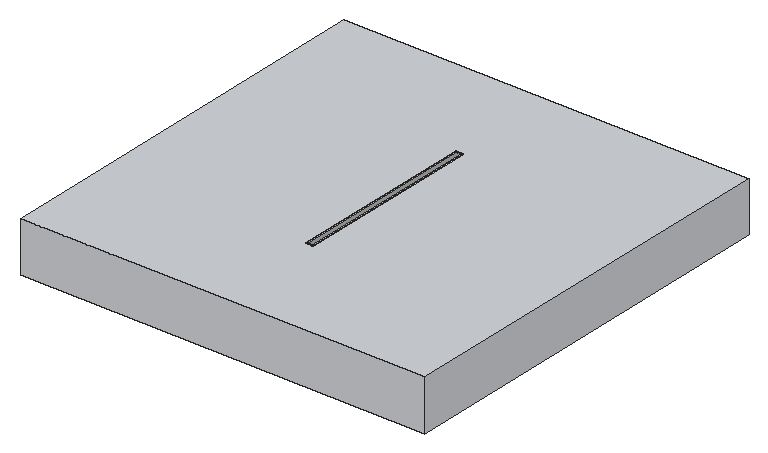
Revit family "LAMP_FIL 35 1120MM OPAL COMFORT RECESSED", category Luminarias, Revit 2018
Family settings
  Anfitrión = Cara
  Cota de conector redondo = Diámetro de uso
  Tipo de pieza = Normal
  Corte con vacíos al cargar = No
  Origen de luz = Sí
  Compartido = No
  Punto de cálculo de habitación = No
Parameters (values of type "1112LM 3000K  BLACK")
  Ángulo de inclinación = -90.00°
  Weight = 3.24 kg
  Wattage = 12.1 W
  Type = "MID POWER TRIDONIC"
  built-in parameter 1150107 = 3000 (stored number, unit not read)
  Recessed dimensions = "1128x42x0"
  built-in parameter 1150110 = 1 (stored number, unit not read)
  built-in parameter 1150109 = 1 (stored number, unit not read)
  built-in parameter 1150112 = 1 (stored number, unit not read)
  built-in parameter 1150113 = 1 (stored number, unit not read)
  built-in parameter 1114218 = 1 (stored number, unit not read)
  Protection rating = "IP20 / IK07"
  Product datasheet = "http://www.lamp.es/product-files/TECH/F31RE112LOOC830NB-EN.pdf"
  Product code = "F31RE112LOOC830NB"
  Product URL = "https://www.lamp.es/en/family/fil-35_413911"
  Power Supply = "220-240V 50/60Hz"
  Power = 11 W
  Plum = 12.1 W
  Photobiological risk = ""
  NOT COVER 2 [instance] = not(END COVER 2)  # no
  NOT COVER 1 [instance] = not(END COVER 1)  # no
  built-in parameter 1150137 = (empty or 0)
  built-in parameter 1150132 = 2
  Modelo = Product code  # "F31RE112LOOC830NB"
  Model Explanation = ""
  Material suspension = LAMP_Acero genérico
  Material perfil = LAMP_Aluminio Perfil Fil NG
  Material difusor = LAMP_PC Difusor Opal Fil
  Manufacturer name = "LAMP"
  Manufacturer country = "Spain"
  Manufacturer URL = "http://www.lamp.es/en"
  MacAdam = "3"
  Longitud de línea de emisión = 1120 mm
  Last update = "05/05/2021"
  Lamp = "MID-POWER LED"
  LED Lifetime = "50.000 L90 B10"
  built-in parameter 1150105 = 439.41 (stored number, unit not read)
  built-in parameter 1150102 = (empty or 0)
  Insulation class = "I"
  Installation instructions = "https://www.lamp.es/product-files/INS/1004590-A%20INSTR.%20FIL35.pdf"
  built-in parameter 1150106 = 4.3941 (stored number, unit not read)
  IEE = "A+"
  Gear = "Electronic"
  Lumens = 1111.99 lm
  Finish = "Matte black RAL 9011"
  Color Filter = 16777215
  built-in parameter 1114217 = 1 (stored number, unit not read)
  built-in parameter 1150139 = (empty or 0)
  Fabricante = Manufacturer name  # "LAMP"
  Default Elevation = 1219.2 mm
  built-in parameter 1150104 = 8.5378 (stored number, unit not read)
  Efficacy = 91.9 lm/W
  END COVER 2 [instance] = yes
  END COVER 1 [instance] = yes
  Dimensions = "1120x45x76"
  Descripción = "FIL35 REC 1120 1600 WW OP COMF BK."
  built-in parameter 1150115 = 1 (stored number, unit not read)
  built-in parameter 1150114 = 1 (stored number, unit not read)
  built-in parameter 1150138 = (empty or 0)
  built-in parameter 1150134 = 3
  Dimming Lamp Color Temperature Shift = (empty or 0)
  CRI = "80"
  Archivo de red fotométrica = "F31RE112LOOC830NB.IES"
  built-in parameter 1150133 = 10 (stored number, unit not read)
Types (12, lengths in mm): name | built-in parameter 1150107 | Product datasheet | Product code | Modelo | Material perfil | built-in parameter 1150105 | built-in parameter 1150106 | Finish | Descripción | Archivo de red fotométrica
  1112LM 3000K DALI BLACK | 3000 (stored number, unit not read) | "http://www.lamp.es/product-files/TECH/F31RE112LOOC830DB-EN.pdf" | "F31RE112LOOC830DB" | "F31RE112LOOC830DB" | LAMP_Aluminio Perfil Fil NG | 439.41 (stored number, unit not read) | 4.3941 (stored number, unit not read) | "Matte black RAL 9011" | "FIL35 REC 1120 1600 WW OP COMF DALI BK." | "F31RE112LOOC830nB.IES"
  1112LM 3000K DALI GREY | 3000 (stored number, unit not read) | "http://www.lamp.es/product-files/TECH/F31RE112LOOC830DG-EN.pdf" | "F31RE112LOOC830DG" | "F31RE112LOOC830DG" | LAMP_Aluminio Perfil Fil GR | 772.13 (stored number, unit not read) | 7.7213 (stored number, unit not read) | "Gloss grey" | "FIL35 REC 1120 1600 WW OP COMF DALI GR." | "F31RE112LOOC830nG.IES"
  1112LM 3000K DALI WHITE | 3000 (stored number, unit not read) | "http://www.lamp.es/product-files/TECH/F31RE112LOOC830DW-EN.pdf" | "F31RE112LOOC830DW" | "F31RE112LOOC830DW" | LAMP_Aluminio Perfil Fil BL | 439.41 (stored number, unit not read) | 4.3941 (stored number, unit not read) | "Matte white RAL 9010" | "FIL35 REC 1120 1600 WW OP COMF DALI WH." | "F31RE112LOOC830nW.IES"
  1112LM 3000K  BLACK | 3000 (stored number, unit not read) | "http://www.lamp.es/product-files/TECH/F31RE112LOOC830NB-EN.pdf" | "F31RE112LOOC830NB" | "F31RE112LOOC830NB" | LAMP_Aluminio Perfil Fil NG | 439.41 (stored number, unit not read) | 4.3941 (stored number, unit not read) | "Matte black RAL 9011" | "FIL35 REC 1120 1600 WW OP COMF BK." | "F31RE112LOOC830NB.IES"
  1112LM 3000K  GREY | 3000 (stored number, unit not read) | "http://www.lamp.es/product-files/TECH/F31RE112LOOC830NG-EN.pdf" | "F31RE112LOOC830NG" | "F31RE112LOOC830NG" | LAMP_Aluminio Perfil Fil GR | 439.41 (stored number, unit not read) | 4.3941 (stored number, unit not read) | "Gloss grey" | "FIL35 REC 1120 1600 WW OP COMF GR." | "F31RE112LOOC830NG.IES"
  1112LM 3000K  WHITE | 3000 (stored number, unit not read) | "http://www.lamp.es/product-files/TECH/F31RE112LOOC830NW-EN.pdf" | "F31RE112LOOC830NW" | "F31RE112LOOC830NW" | LAMP_Aluminio Perfil Fil BL | 439.41 (stored number, unit not read) | 4.3941 (stored number, unit not read) | "Matte white RAL 9010" | "FIL35 REC 1120 1600 WW OP COMF WH." | "F31RE112LOOC830NW.IES"
  1112LM 4000K DALI BLACK | 4000 (stored number, unit not read) | "http://www.lamp.es/product-files/TECH/F31RE112LOOC840DB-EN.pdf" | "F31RE112LOOC840DB" | "F31RE112LOOC840DB" | LAMP_Aluminio Perfil Fil NG | 439.41 (stored number, unit not read) | 4.3941 (stored number, unit not read) | "Matte black RAL 9011" | "FIL35 REC 1120 1600 NW OP COMF DALI BK." | "F31RE112LOOC840nB.IES"
  1112LM 4000K DALI GREY | 4000 (stored number, unit not read) | "http://www.lamp.es/product-files/TECH/F31RE112LOOC840DG-EN.pdf" | "F31RE112LOOC840DG" | "F31RE112LOOC840DG" | LAMP_Aluminio Perfil Fil GR | 439.41 (stored number, unit not read) | 4.3941 (stored number, unit not read) | "Gloss grey" | "FIL35 REC 1120 1600 NW OP COMF DALI GR." | "F31RE112LOOC840nG.IES"
  1112LM 4000K DALI WHITE | 4000 (stored number, unit not read) | "http://www.lamp.es/product-files/TECH/F31RE112LOOC840DW-EN.pdf" | "F31RE112LOOC840DW" | "F31RE112LOOC840DW" | LAMP_Aluminio Perfil Fil BL | 439.41 (stored number, unit not read) | 4.3941 (stored number, unit not read) | "Matte white RAL 9010" | "FIL35 REC 1120 1600 NW OP COMF DALI WH." | "F31RE112LOOC840nW.IES"
  1112LM 4000K  BLACK | 4000 (stored number, unit not read) | "http://www.lamp.es/product-files/TECH/F31RE112LOOC840NB-EN.pdf" | "F31RE112LOOC840NB" | "F31RE112LOOC840NB" | LAMP_Aluminio Perfil Fil NG | 439.41 (stored number, unit not read) | 4.3941 (stored number, unit not read) | "Matte black RAL 9011" | "FIL35 REC 1120 1600 NW OP COMF BK." | "F31RE112LOOC840NB.IES"
  1112LM 4000K  GREY | 4000 (stored number, unit not read) | "http://www.lamp.es/product-files/TECH/F31RE112LOOC840NG-EN.pdf" | "F31RE112LOOC840NG" | "F31RE112LOOC840NG" | LAMP_Aluminio Perfil Fil GR | 439.41 (stored number, unit not read) | 4.3941 (stored number, unit not read) | "Gloss grey" | "FIL35 REC 1120 1600 NW OP COMF GR." | "F31RE112LOOC840NG.IES"
  1112LM 4000K  WHITE | 4000 (stored number, unit not read) | "http://www.lamp.es/product-files/TECH/F31RE112LOOC840NW-EN.pdf" | "F31RE112LOOC840NW" | "F31RE112LOOC840NW" | LAMP_Aluminio Perfil Fil BL | 772.13 (stored number, unit not read) | 7.7213 (stored number, unit not read) | "Matte white RAL 9010" | "FIL35 REC 1120 1600 NW OP COMF WH." | "F31RE112LOOC840NW.IES"
Reference planes
  plane 1 "Centro (Frontal/Posterior)": y = 0
  plane 2: z = 0
  plane 3 "Centro (Izquierda/Derecha)": x = 0
Forms (mm)
  Extrusion 1, solid
    sketch origin (0, 0, 0) x (1, 0, 0) y (0, 1, 0)
      loop
        line (-1219.2, 1219.2) -> (-1219.2, -1219.2) -> (1219.2, -1219.2) -> (1219.2, 1219.2) -> (-1219.2, 1219.2)
    from 0 to -304.8
  Extrusion 2, solid, material "LAMP_Aluminio Perfil Fil NG" <- "Material perfil"
    sketch origin (0, 0, -281.8) x (1, 0, 0) y (0, 0, 1)
      loop
        line (-17.5, 281.8) -> (-17.5, 207) -> (0, 207) -> (17.5, 207) -> (17.5, 281.8) -> (22.5, 281.8) -> (22.5, 283) -> (16.5, 283) -> (16.5, 259) -> (0, 259) -> (-16.5, 259) -> (-16.5, 283) -> (-22.5, 283) -> (-22.5, 281.8) -> (-17.5, 281.8)
    from -560 to 560
  Extrusion 3, solid, material "LAMP_PC Difusor Opal Fil" <- "Material difusor"
    sketch origin (0, 0, -281.8) x (1, 0, 0) y (0, 0, 1)
      loop
        line (-16.5, 283) -> (-16.5, 281.8) -> (16.5, 281.8) -> (16.5, 283) -> (-16.5, 283)
    from -560 to 560
Text (mm)
  text "Any modification of the parameters and properties of the LAMP BIM models must be executed and validated by the LAMP technical department.\nPhone: +34 93 736 68 00\nE-mail: lamp@lamp.es\n\nLAMP reserves the right to modify the technical specifications of its products." at (3249.303, 5266.069, -2786.139), in view "Preview"
Dimensions and locks
  aligned and locked: plane 2 to Extrusion 1
  aligned and locked: level to Extrusion 1
Nested families
  nested 1: "LAMP_FIL 35 END COVER RECESSED" at (0, -561, -74.8), visible <- "END COVER 1", type "LAMP_FIL 35 END COVER RECESSED"
  nested 2: "LAMP_FIL 35 END COVER RECESSED" at (0, 561, -74.8) x (-1, 0, 0) z (0, 0, 1), visible <- "END COVER 2", type "LAMP_FIL 35 END COVER RECESSED"
Connectors
  electrical at (0, 0, -75.3)
    settings: on Extrusion 2, index 1, voltage 230 V, apparent load 0 VA, apparent load phase1 0 VA, apparent load phase2 0 VA, apparent load phase3 0 VA, power factor 1, load classification "Otro", number of poles 1, system type 31, power factor state 1, is connector primary yes, connector utility no, sub classification motor no, connector description ""
Definition of nested family "LAMP_FIL 35 END COVER RECESSED"
  Parameters (values of type "LAMP_FIL 35 END COVER RECESSED")
    Material tapa = none
  Reference planes
    plane 1 "Centro (Frontal/Posterior)": y = 0
    plane 2: z = 0
    plane 3 "Centro (Izquierda/Derecha)": x = 0
  Forms (mm)
    Extrusion 1, solid, material <- "Material tapa"
      sketch origin (0, 0, 76.8) x (0, -1, 0) y (0, 0, -1)
        loop
          line (1, 76.8) -> (-1, 76.8) -> (-1, 0.8) -> (5, 0.8) -> (5, 2) -> (1, 2) -> (1, 76.8)
      from -22.5 to 22.5
    Extrusion 2, void
      sketch origin (-5.1, 0, 0) x (1, 0, 0) y (0, 0, 1)
        loop
          line (22.6, 74.8) -> (22.6, 0) -> (27.6, 0) -> (27.6, 74.8) -> (22.6, 74.8)
      from -23.5 to 23.5
    Extrusion 3, void
      sketch origin (5.1, 0, 0) x (1, 0, 0) y (0, 0, 1)
        loop
          line (-22.6, 74.8) -> (-27.6, 74.8) -> (-27.6, 0) -> (-22.6, 0) -> (-22.6, 74.8)
      from -23.5 to 23.5
  Cuts and joins
    Extrusion 2, Extrusion 3 cuts Extrusion 1
  Dimensions and locks
    aligned and locked: level to plane 2
